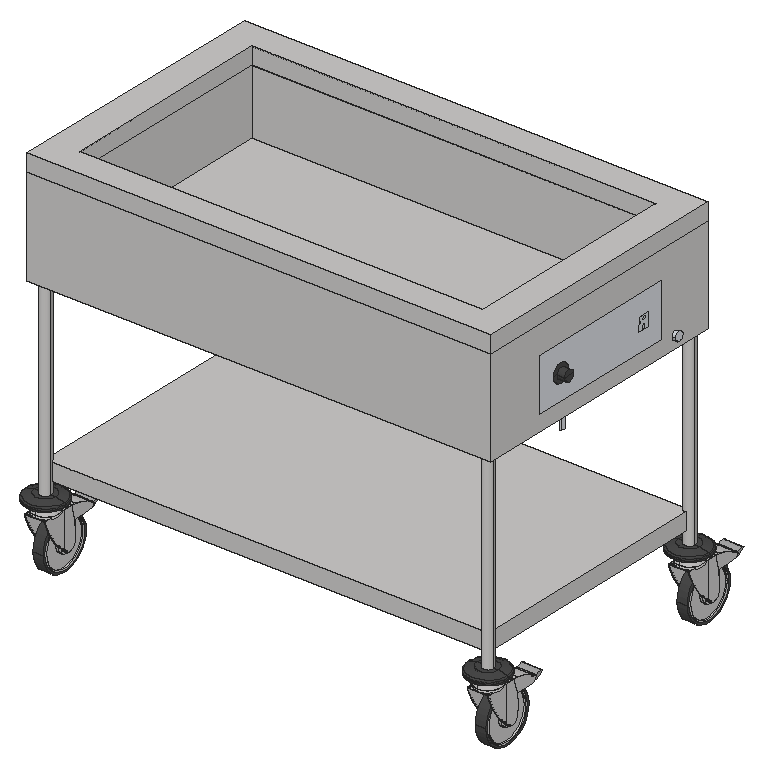
Revit family "QF_BOURGEAT_3GN_bain_marie mobile_sans_etuve_cuve_simple", category Equipement spécialisé, Revit 2015
Parameters (values of type "3GN_bain_marie_cuve_simple")
  URL Fabricant = "http://www.bourgeat.fr"
  URL = ""
  Type de Raccord Electrique = ""
  Type article = ""
  Tension = 230 V
  Spécification du Fabricant = "bain-marie mobiles"
  Remarques Plomberie = ""
  Remarques Electricité = ""
  Puissance électrique  = 2100 W
  Profondeur hors tout = 690 mm
  Poids net à vide = 55.00 kg
  Phase = 2
  Nature isolant = "30mm laine de roche"
  Modèle = "872003"
  Longueur hors tout = 1280 mm
  Intensité nominale = 6.09 A
  Indice de protection = "33"
  Hauteur hors tout = 900 mm
  Fréquence = 50 Hz
  Fabricant = "BOURGEAT"
  Diamètre de Raccordement Evacuation = 26.7 mm
  Contact_SAV = "0033(0)4.76.32.14.44"
  Charge max = 90.00 kg
Reference planes
  plane 1 "Centre (avant/arrière)": y = 0
  plane 2: z = 0
  plane 3 "Centre (gauche/droite)": x = 0
  plane 4: z = 856
  plane 5: z = 797.5
Forms (mm)
  Extrusion 1, solid
    sketch origin (0, 0, 0) x (0, 1, 0) y (0, 0, 1)
      loop
        circle (223, 664.828) r 10
    from 548.5 to 558.686
Dimensions and locks
  nested 1 to nested 1 = 76 mm
  aligned and locked: level to plane 2
  aligned and locked: nested 1 to plane 4
  aligned and locked: plane 1 "Centre (avant/arrière)" to nested 1
  aligned and locked: nested 2 to plane 5
  aligned and locked: nested 2 to plane 1 "Centre (avant/arrière)"
  aligned and locked: plane 1 "Centre (avant/arrière)" to nested 3
  aligned and locked: plane 3 "Centre (gauche/droite)" to nested 3
  aligned and locked: plane 3 "Centre (gauche/droite)" to nested 4
  aligned and locked: plane 1 "Centre (avant/arrière)" to nested 4
  aligned and locked: nested 1 to Extrusion 1
  aligned and locked: nested 4 to nested 5
Nested families
  nested 1: "supports+barre_transport" at (548.5, 0, 816) x (0, -1, 0) z (0, 0, 1), type "supports+barre_transport", not visible
    with lg_barre_transport 566 mm, lg_barre 446 mm
  nested 2: "interface_2GN_cuve_simple" at (550.5, 0, 735.5) x (0, 1, 0) z (0, 0, 1), type "interface_2GN_cuve_simple"
  nested 3: "3GN_cuve_simple" at (0, 0, 862.5), type "3GN_cuve_simple"
  nested 4: "3GN_chariot_sans_etuve" at (0, 0, 0), type "3GN_chariot_sans_etuve"
  nested 5: "vanne" at (427.5, 0, 570) x (0, 1, 0) z (0, 0, 1), type "vanne"
Connectors
  electrical at (558.686, 223, 664.828), driven by "Tension"
    settings: on Extrusion 1, index 1, voltage 230 V, apparent load 0 VA, apparent load phase1 2100 VA, apparent load phase2 0 VA, apparent load phase3 0 VA, power factor 1, load classification "Autre", number of poles 2, system type 30, power factor state 1, is connector primary yes, connector utility no, sub classification motor no, connector description "prise 2P+T 16A"
  piping at (427.5, 0, 570), diameter 20
    settings: on nested 5, index 2, connector inside diameter 609.6 mm, connector length 0 mm, flow factor 0, pipe flow 0.0 L/s, pressure drop 0.0 Pa, fitting loss kfactor 0, connector angle 0.00°, fixture units 0, engagement length 0 mm, angle of deflection 0.00°, flow configuration 0, flow direction 2, fitting loss method 0, system type 19, joint type 0, gender type 0, connector reference index -1, connector utility 0, adjustable connector no, is connector primary yes, connector description ""
Definition of nested family "supports+barre_transport"
  Parameters (values of type "supports+barre_transport")
    lg_barre_transport = 635 mm
    lg_barre = lg_barre_transport - 120 mm  # 515 mm
  Reference planes
    plane 1 "Centre (avant/arrière)": y = 0
    plane 2: z = 0
    plane 3 "Centre (gauche/droite)": x = 0
    plane 4: x = -317.5
    plane 5: x = 317.5
    plane 6: y = 57.5
  Dimensions and locks
    "lg_barre_transport": plane 4 to plane 5
    equal spacing: plane 4, plane 3 "Centre (gauche/droite)", plane 5
    aligned and locked: level to plane 2
    aligned and locked: nested 1 to plane 4
    aligned and locked: plane 6 to nested 1
    aligned and locked: nested 3 to plane 6
    aligned and locked: nested 2 to plane 5
    aligned and locked: nested 3 to plane 3 "Centre (gauche/droite)"
    aligned and locked: nested 3 to nested 1
  Nested families
    nested 1: "support barre" at (-317.5, 0, 0), type "support barre"
    nested 2: "support barre" at (317.5, 0, 0) x (-1, 0, 0) z (0, 0, 1), type "support barre"
    nested 3: "barre" at (-257.5, 57.5, 20) x (0, 1, 0) z (0, 0, 1), type "barre"
  Definition of nested family "support barre"
    Reference planes
      plane 1 "Centre (avant/arrière)": y = 0
      plane 2: z = 0
      plane 3 "Centre (gauche/droite)": x = 0
      plane 4: y = 76
      plane 5: x = 78
      plane 6: y = 19
      plane 7: x = 60
      plane 8: through (0, 19, 1200) normal (-0.6887, 0.725, 0)
      plane 9: x = 40
      plane 10: z = 40
      plane 11: y = 57.5
      plane 12: z = 20
    Forms (mm)
      Extrusion 1, solid
        sketch origin (0, 0, 0) x (1, 0, 0) y (0, 1, 0)
          loop
            line (0, 0) -> (40, 0) -> (40, 19) -> (60, 39) -> (78, 39) -> (78, 76) -> (60, 76) -> (0, 19) -> (0, 0)
        from 0 to 40
      Extrusion 2, void
        sketch origin (0, 0, 0) x (0, 1, 0) y (0, 0, 1)
          loop
            circle (57.5, 20) r 15
        from 60 to 250
    Cuts and joins
      Extrusion 2 cuts Extrusion 1
    Dimensions and locks
      plane 1 "Centre (avant/arrière)" to plane 4 = 76 mm
      plane 3 "Centre (gauche/droite)" to plane 5 = 78 mm
      aligned and locked: level to plane 2
      aligned and locked: plane 10 to Extrusion 1
      aligned and locked: plane 12 to Extrusion 2 sketch curve
      aligned and locked: Extrusion 2 to plane 7
  Definition of nested family "barre"
    Parameters (values of type "barre")
      lg_barre = 515 mm
    Reference planes
      plane 1 "Centre (avant/arrière)": y = 0
      plane 2: z = 0
      plane 3 "Centre (gauche/droite)": x = 0
      plane 4: y = -515
      plane 5: y = -257.5
    Forms (mm)
      Extrusion 1, solid
        sketch origin (0, 0, 0) x (1, 0, 0) y (0, 0, 1)
          loop
            circle (0, 0) r 15
        from 0 to 515
    Dimensions and locks
      "lg_barre": plane 4 to plane 1 "Centre (avant/arrière)"
      equal spacing: plane 4, plane 5, plane 1 "Centre (avant/arrière)"
      aligned and locked: level to plane 2
      aligned and locked: Extrusion 1 to plane 4
    Automatic sketch dimensions
      Extrusion 1 sketch curve to level = 0 mm
      Extrusion 1 sketch curve to plane 3 "Centre (gauche/droite)" = 0 mm
      radius of Extrusion 1 sketch curve = 15 mm
Definition of nested family "interface_2GN_cuve_simple"
  Reference planes
    plane 1 "Centre (avant/arrière)": y = 0
    plane 2: z = 0
    plane 3 "Centre (gauche/droite)": x = 0
    plane 4: x = 180
    plane 5: x = -180
    plane 6: z = 62
    plane 7: z = -62
    plane 8: x = -119
    plane 9: x = -33
    plane 10: x = 138
    plane 11: x = 113
    plane 12: z = 15.5
    plane 13: z = -15.5
    plane 14: y = 2
  Forms (mm)
    Extrusion 1, solid
      sketch origin (0, 0, 0) x (1, 0, 0) y (0, 0, 1)
        loop
          line (-180, 62) -> (-180, -62) -> (180, -62) -> (180, 62) -> (-180, 62)
      from 0 to -2
  Dimensions and locks
    plane 14 to plane 1 "Centre (avant/arrière)" = 2 mm
    aligned and locked: level to plane 2
    aligned and locked: Extrusion 1 sketch curve to plane 6
    aligned and locked: Extrusion 1 sketch curve to plane 5
    aligned and locked: Extrusion 1 sketch curve to plane 7
    aligned and locked: Extrusion 1 sketch curve to plane 4
    aligned and locked: Extrusion 1 to plane 14
    aligned and locked: nested 1 to plane 1 "Centre (avant/arrière)"
    aligned and locked: nested 1 to plane 10
    aligned and locked: plane 12 to nested 1
    aligned and locked: nested 2 to Extrusion 1
  Nested families
    nested 1: "switch" at (125.5, 0, -15.5) x (-1, 0, 0) z (0, 0, 1), type "switch"
    nested 2: "bouton_rond" at (-119, 0, 0) x (-1, 0, 0) z (0, 0, 1), type "bouton_rond"
  Definition of nested family "switch"
    Reference planes
      plane 1 "Centre (avant/arrière)": y = 0
      plane 2: z = 0
      plane 3 "Centre (gauche/droite)": x = 0
      plane 4: y = 5
      plane 5: y = 1
      plane 6: z = 31
      plane 7: x = 12.5
      plane 8: x = -12.5
      plane 9: z = 25.177
    Forms (mm)
      Extrusion 1, solid
        sketch origin (0, 0, 0) x (0, 1, 0) y (0, 0, 1)
          loop
            line (0, 0) -> (1, 0) -> (2.152, 31) -> (0, 31) -> (0, 0)
        from -12.5 to 12.5
      Extrusion 2, solid
        sketch origin (0, 0, 4.291) x (1, 0, 0) y (0, 0, 1)
          loop
            circle (0, 20.886) r 3.186
          loop
            line (1.701, -1.363) -> (1.701, 7.758) -> (-1.378, 7.758) -> (-1.378, -1.363) -> (1.701, -1.363)
        from 0 to -2.244
    Dimensions and locks
      plane 6 to plane 2 = 31 mm
      aligned and locked: level to plane 2
      aligned and locked: plane 5 to Extrusion 1 sketch curve
      aligned and locked: plane 6 to Extrusion 1
      aligned and locked: plane 8 to Extrusion 1
      aligned and locked: plane 7 to Extrusion 1
      aligned and locked: plane 3 "Centre (gauche/droite)" to Extrusion 2 sketch curve
      aligned and locked: plane 9 to Extrusion 2
  Definition of nested family "bouton_rond"
    Reference planes
      plane 1 "Centre (avant/arrière)": y = 0
      plane 2: z = 0
      plane 3 "Centre (gauche/droite)": x = 0
      plane 4: y = 2
      plane 5: y = 21
      plane 6: x = -21.5
      plane 7: x = -12.5
    Forms (mm)
      Revolve 1, solid
        sketch origin (0, 0, 0) x (1, 0, 0) y (0, 1, 0)
          loop
            line (0, 0) -> (0, 21) -> (-12.5, 21) -> (-12.5, 2) -> (-21.5, 2) -> (-21.5, 0) -> (0, 0)
          axis (0, 21) -> (0, 0)
        angle from 0 to 360
    Dimensions and locks
      aligned and locked: level to plane 2
Definition of nested family "3GN_cuve_simple"
  Parameters (values of type "3GN_cuve_simple")
    Profondeur_hors_tout = 642 mm
    Largeur_hors_tout = 1097 mm
  Reference planes
    plane 1 "Centre (avant/arrière)": y = 0
    plane 2: z = 0
    plane 3 "Centre (gauche/droite)": x = 0
    plane 4: x = 548.5
    plane 5: x = -548.5
    plane 6: y = 321
    plane 7: y = -321
    plane 8: x = -477.5
    plane 9: x = 477.5
    plane 10: y = 255
    plane 11: y = -255
    plane 12: z = 40
    plane 13: z = -170
    plane 14: y = -264
    plane 15: x = 486.5
    plane 16: x = 427.5
  Forms (mm)
    Extrusion 1, solid
      sketch origin (0, 0, 0) x (1, 0, 0) y (0, 1, 0)
        loop
          line (-548.5, 321) -> (-548.5, -321) -> (548.5, -321) -> (548.5, 321) -> (-548.5, 321)
        loop
          line (-477.5, 255) -> (-477.5, -255) -> (477.5, -255) -> (477.5, 255) -> (-477.5, 255)
      from 0 to 40
    Extrusion 2, solid
      sketch origin (0, 0, 0) x (1, 0, 0) y (0, 1, 0)
        loop
          line (-486.373, -264) -> (486.5, -264) -> (486.5, 266.105) -> (-486.373, 266.105) -> (-486.373, -264)
      from 0 to -170
    Extrusion 3, void
      sketch origin (0, 0, 0) x (1, 0, 0) y (0, 1, 0)
        loop
          line (-477.5, 255) -> (-477.5, -255) -> (477.5, -255) -> (477.5, 255) -> (-477.5, 255)
      from 76.929 to -155.016
    Extrusion 4, void
      sketch origin (410, -210, 0) x (1, 0, 0) y (0, 1, 0)
        loop
          circle (17.5, 210) r 25
      from -346.977 to 250
  Cuts and joins
    Extrusion 3 cuts Extrusion 1
    Extrusion 3, Extrusion 4 cuts Extrusion 2
  Dimensions and locks
    "Profondeur_hors_tout": plane 6 to plane 7
    "Largeur_hors_tout": plane 5 to plane 4
    Extrusion 2 sketch curve to plane 11 = 9 mm
    cut or joined group of Extrusion 2, Extrusion 3, Extrusion 4 to plane 8 = 8.873 mm
    locked: plane 9 to plane 15 at 9
    equal spacing: plane 6, plane 1 "Centre (avant/arrière)", plane 7
    equal spacing: plane 5, plane 3 "Centre (gauche/droite)", plane 4
    plane 8 to plane 3 "Centre (gauche/droite)" to plane 9 = 477.5 mm, 477.5 mm
    plane 10 to plane 1 "Centre (avant/arrière)" to plane 11 = 255 mm, 255 mm
    plane 14 to plane 11 = 9 mm
    aligned and locked: level to plane 2
    aligned and locked: plane 12 to Extrusion 1
    aligned and locked: Extrusion 1 sketch curve to plane 10
    aligned and locked: plane 8 to Extrusion 1 sketch curve
    aligned and locked: Extrusion 1 sketch curve to plane 11
    aligned and locked: Extrusion 1 sketch curve to plane 9
    aligned and locked: Extrusion 2 to plane 13
    aligned and locked: plane 2 to Extrusion 2
    aligned and locked: Extrusion 3 sketch curve to plane 10
    aligned and locked: plane 8 to Extrusion 3 sketch curve
    aligned and locked: Extrusion 1 to Extrusion 3 sketch curve
    aligned and locked: plane 9 to Extrusion 3 sketch curve
    aligned and locked: cut or joined group of Extrusion 2, Extrusion 3, Extrusion 4 to plane 14
    aligned and locked: plane 15 to cut or joined group of Extrusion 2, Extrusion 3, Extrusion 4
    aligned and locked: plane 16 to Extrusion 4 sketch curve
    aligned and locked: plane 1 "Centre (avant/arrière)" to Extrusion 4 sketch curve
  Automatic sketch dimensions
    Extrusion 2 sketch curve to plane 8 = 8.873 mm
    Extrusion 2 sketch curve to plane 9 = 9 mm
    plane 10 to Extrusion 2 sketch curve = 11.105 mm
    Extrusion 1 sketch curve to plane 5 = 0 mm
    Extrusion 1 sketch curve to plane 4 = 0 mm
    plane 7 to Extrusion 1 sketch curve = 0 mm
    Extrusion 1 sketch curve to plane 6 = 0 mm
    plane 11 to Extrusion 3 sketch curve = 0 mm
    radius of Extrusion 4 sketch curve = 25 mm
Definition of nested family "3GN_chariot_sans_etuve"
  Parameters (values of type "3GN_chariot_sans_etuve")
    Profondeur_hors_tout = 642 mm
    Largeur_hors_tout = 1097 mm
  Reference planes
    plane 1 "Centre (avant/arrière)": y = 0
    plane 2: z = 0
    plane 3 "Centre (gauche/droite)": x = 0
    plane 4: x = 523.5
    plane 5: x = -523.5
    plane 6: y = 298
    plane 7: y = -298
    plane 8: z = 182
    plane 9: z = 633
    plane 10: y = 321
    plane 11: y = -321
    plane 12: x = 548.5
    plane 13: x = -548.5
    plane 14: z = 862.5
    plane 15: z = 212
    plane 16: z = 252
    plane 17: x = 41
    plane 18: y = 223
    plane 19: z = 692.5
    plane 20: x = 427.5
  Forms (mm)
    Extrusion 1, solid
      sketch origin (0, 0, 0) x (1, 0, 0) y (0, 1, 0)
        loop
          circle (-523.5, 298) r 12.5
        loop
          circle (-523.5, -298) r 12.5
        loop
          circle (523.5, -298) r 12.5
        loop
          circle (523.5, 298) r 12.5
      from 182 to 633
    Extrusion 2, solid
      sketch origin (0, 0, 0) x (1, 0, 0) y (0, 1, 0)
        loop
          line (-548.5, 321) -> (-548.5, -321) -> (548.5, -321) -> (548.5, 321) -> (-548.5, 321)
      from 633 to 862.5
    Extrusion 3, void
      sketch origin (0, 0, 0) x (1, 0, 0) y (0, 1, 0)
        loop
          line (-523.5, 298) -> (-523.5, -298) -> (523.5, -298) -> (523.5, 298) -> (-523.5, 298)
      from 692.5 to 959.473
    Extrusion 4, solid
      sketch origin (0, 0, 0) x (1, 0, 0) y (0, 1, 0)
        loop
          arc (-523.5, -285.5) -> (-514.661, -289.161) -> (-511, -298) r 12.5
          line (-511, -298) -> (511, -298)
          arc (511, -298) -> (514.661, -289.161) -> (523.5, -285.5) r 12.5
          line (523.5, -285.5) -> (523.5, 285.5)
          arc (523.5, 285.5) -> (514.661, 289.161) -> (511, 298) r 12.5
          line (511, 298) -> (-511, 298)
          arc (-511, 298) -> (-514.661, 289.161) -> (-523.5, 285.5) r 12.5
          line (-523.5, 285.5) -> (-523.5, -285.5)
      from 212 to 252
    Extrusion 5, void
      sketch origin (0, 0, 0) x (1, 0, 0) y (0, 1, 0)
        loop
          circle (427.5, 0) r 25
      from 527.563 to 948.643
  Cuts and joins
    Extrusion 3 cuts Extrusion 1
    Extrusion 3, Extrusion 5 cuts Extrusion 2
    Extrusion 5 cuts Extrusion 4
  Dimensions and locks
    equal spacing: plane 5, plane 3 "Centre (gauche/droite)", plane 4
    equal spacing: plane 6, plane 1 "Centre (avant/arrière)", plane 7
    locked: plane 6 to plane 7 at 596
    "Profondeur_hors_tout": plane 10 to plane 11
    equal spacing: plane 10, plane 1 "Centre (avant/arrière)", plane 11
    plane 10 to plane 18 = 98 mm
    plane 14 to plane 19 = 170 mm
    equal spacing: plane 13, plane 3 "Centre (gauche/droite)", plane 12
    "Largeur_hors_tout": plane 13 to plane 12
    plane 13 to plane 5 = 25 mm
    aligned and locked: level to plane 2
    aligned and locked: Extrusion 1 to plane 9
    aligned and locked: Extrusion 1 to plane 8
    aligned and locked: Extrusion 2 sketch curve to plane 11
    aligned and locked: Extrusion 2 sketch curve to plane 12
    aligned and locked: Extrusion 2 sketch curve to plane 13
    aligned and locked: Extrusion 2 sketch curve to plane 10
    aligned and locked: Extrusion 2 to plane 14
    aligned and locked: Extrusion 2 to plane 9
    aligned and locked: nested 1 to Extrusion 3 sketch curve
    aligned and locked: Extrusion 3 sketch curve to plane 5
    aligned and locked: Extrusion 3 sketch curve to nested 3
    aligned and locked: Extrusion 3 sketch curve to plane 4
    aligned and locked: Extrusion 4 sketch curve to plane 6
    aligned and locked: Extrusion 4 sketch curve to plane 5
    aligned and locked: Extrusion 4 sketch curve to plane 7
    aligned and locked: Extrusion 4 sketch curve to plane 4
    aligned and locked: Extrusion 4 to plane 16
    aligned and locked: plane 15 to Extrusion 4
    aligned and locked: cut or joined group of Extrusion 2, Extrusion 3, Extrusion 5 to plane 19
    aligned and locked: nested 1 to plane 5
    aligned and locked: plane 4 to nested 2
    aligned and locked: plane 4 to nested 3
    aligned and locked: nested 4 to plane 5
    aligned and locked: plane 20 to Extrusion 5 sketch curve
    aligned and locked: plane 1 "Centre (avant/arrière)" to Extrusion 5 sketch curve
  Automatic sketch dimensions
    Extrusion 1 sketch curve to plane 5 = 0 mm  (x2)
    Extrusion 1 sketch curve to plane 4 = 0 mm  (x2)
    plane 7 to Extrusion 1 sketch curve = 0 mm  (x2)
    Extrusion 1 sketch curve to plane 6 = 0 mm  (x2)
    Extrusion 4 sketch curve to plane 5 = 12.5 mm
    Extrusion 4 sketch curve to plane 4 = 12.5 mm
    Extrusion 4 sketch curve to Extrusion 4 sketch curve = 12.5 mm  (x2)
    radius of Extrusion 1 sketch curve = 12.5 mm  (x4)
    radius of Extrusion 5 sketch curve = 25 mm
  Nested families
    nested 1: "ROULETTE" at (-523.5, 298, 0), type "ROULETTE"
      with Sans frein yes, Avec frein yes
    nested 2: "ROULETTE" at (523.5, 298, 0), type "ROULETTE"
      with Sans frein yes, Avec frein yes
    nested 3: "ROULETTE" at (523.5, -298, 0), type "ROULETTE"
      with Sans frein yes, Avec frein yes
    nested 4: "ROULETTE" at (-523.5, -298, 0), type "ROULETTE"
      with Sans frein yes, Avec frein yes
  Definition of nested family "ROULETTE"
    Parameters (values of type "ROULETTE")
      Sans frein [instance] = yes
      Avec frein [instance] = yes
    Reference planes
      plane 1 "Centre (avant/arrière)": y = 0
      plane 2: z = 0
      plane 3 "Centre (gauche/droite)": x = 0
      plane 4: y = 40.851
      plane 5: z = 62.5
    Forms (mm)
      Extrusion 1, solid
        sketch origin (0, 0, 0) x (0, 1, 0) y (0, 0, 1)
          loop
            circle (40.851, 62.5) r 62.5
          loop
            circle (40.851, 62.5) r 57.5
        from -12.5 to 12.5
      Revolve 2, solid
        sketch origin (0, 0, 30.333) x (1, 0, 0) y (0, 0, 1)
          loop
            line (0, 151.667) -> (-25, 151.667) -> (-45.338, 146.217)
            arc (-45.338, 146.217) -> (-46.897, 145.175) -> (-47.5, 143.4) r 2.917
            line (-47.5, 143.4) -> (-47.5, 138.833)
            arc (-47.5, 138.833) -> (-47.012, 137.655) -> (-45.833, 137.167) r 1.667
            line (-45.833, 137.167) -> (-24.607, 137.167) -> (-24, 132.667) -> (0, 132.667) -> (0, 151.667)
          axis (0, 151.667) -> (0, 132.667)
        angle from 0 to 360
      Revolve 3, solid
        sketch origin (0, 0, 0) x (0, 1, 0) y (0, 0, 1)
          loop
            line (0, 163) -> (-20.149, 163) -> (-20.149, 159.41) -> (-21.6, 159.41)
            arc (-21.6, 159.41) -> (-24.448, 158.65) -> (-26.537, 156.572) r 5.712
            line (-26.537, 156.572) -> (-30.146, 147.743) -> (-26.999, 147.062) -> (-26.999, 146.112)
            arc (-26.999, 146.112) -> (-27.23, 145.314) -> (-27.849, 144.761) r 1.5
            arc (-27.849, 144.761) -> (-29.223, 143.633) -> (-29.923, 142) r 3.75
            line (-29.923, 142) -> (0, 142) -> (0, 163)
          axis (0, 163) -> (0, 142)
        angle from 0 to 360
      Extrusion 4, solid
        sketch origin (0, 0, 0) x (0, 1, 0) y (0, 0, -1)
          loop
            line (-29.974, -138.241) -> (-29.974, -142) -> (21.747, -142) -> (21.747, -60.336)
            arc (21.747, -60.336) -> (10.272, -70.702) -> (-0.149, -82.127) r 160.057
            arc (-0.149, -82.127) -> (-17.883, -108.684) -> (-29.974, -138.241) r 159.585
        from -24.913 to -23.038
      Extrusion 5, solid
        sketch origin (0, 0, 0) x (0, 1, 0) y (0, 0, 1)
          loop
            line (-29.974, 142) -> (-29.974, 140.869) -> (21.747, 140.869) -> (21.747, 142) -> (-29.974, 142)
        from -23.038 to 23.038
      Extrusion 6, solid
        sketch origin (0, 0, 0) x (0, 1, 0) y (0, 0, 1)
          loop
            circle (40.851, 62.5) r 57.5
          loop
            circle (40.851, 62.5) r 55
        from -12.5 to 12.5
      Extrusion 7, solid
        sketch origin (0, 0, 0) x (0, 1, 0) y (0, 0, 1)
          loop
            circle (40.851, 62.5) r 55
        from -7 to 7
      Extrusion 8, solid
        sketch origin (0, 0, 0) x (0, 1, 0) y (0, 0, 1)
          loop
            circle (40.851, 62.5) r 21
        from 7 to 15
      Extrusion 9, solid
        sketch origin (0, 0, 0) x (0, 1, 0) y (0, 0, -1)
          loop
            circle (40.851, -62.5) r 16
        from -23.038 to -15
      Extrusion 10, solid, visible <- "Sans frein"
        sketch origin (0, 0, 0) x (0, 1, 0) y (0, 0, 1)
          loop
            arc (21.747, 60.336) -> (23.188, 59.17) -> (24.642, 58.02) r 161.23
            arc (24.642, 58.02) -> (29.34, 54.513) -> (34.187, 51.216) r 133.333
            arc (34.187, 51.216) -> (46.517, 50.3) -> (53.927, 60.198) r 12.867
            arc (53.927, 60.198) -> (54.714, 99.183) -> (46.119, 137.216) r 161.222
            arc (46.119, 137.216) -> (45.679, 138.887) -> (45.531, 140.609) r 10.076
            line (45.531, 140.609) -> (45.531, 142) -> (21.747, 142) -> (21.747, 60.336)
        from 23.038 to 24.913
      Extrusion 11, solid, visible <- "Sans frein"
        sketch origin (0, 0, 0) x (0, 1, 0) y (0, 0, 1)
          loop
            line (21.747, 142) -> (21.747, 140.701) -> (48.851, 140.701) -> (48.851, 142) -> (21.747, 142)
        from -23.038 to 23.038
      Extrusion 12, solid, visible <- "Avec frein"
        sketch origin (0, 0, 0) x (0, 1, 0) y (0, 0, 1)
          loop
            line (21.747, 142) -> (21.747, 60.336)
            arc (21.747, 60.336) -> (23.177, 59.179) -> (24.62, 58.038) r 160.008
            arc (24.62, 58.038) -> (29.041, 54.705) -> (33.574, 51.527) r 160
            arc (33.574, 51.527) -> (46.135, 50.422) -> (53.724, 60.491) r 13
            arc (53.724, 60.491) -> (55.279, 82.092) -> (53.902, 103.704) r 160
            arc (53.902, 103.704) -> (55.53, 108.653) -> (60.415, 110.463) r 6
            arc (60.415, 110.463) -> (80.625, 109.924) -> (100.725, 112.107) r 150
            arc (100.725, 112.107) -> (104.408, 113.406) -> (107.479, 115.819) r 12
            line (107.479, 115.819) -> (110.851, 121.523)
            arc (110.851, 121.523) -> (85.913, 134.651) -> (58.706, 142) r 127.902
            line (58.706, 142) -> (21.747, 142)
        from 23.038 to 24.913
      Extrusion 13, solid, visible <- "Avec frein"
        sketch origin (0, 0, 0) x (0, 1, 0) y (0, 0, 1)
          loop
            line (58.706, 142) -> (21.747, 142) -> (21.747, 140) -> (58.552, 140)
            arc (58.552, 140) -> (85.253, 132.762) -> (109.73, 119.866) r 125.902
            line (109.73, 119.866) -> (110.851, 121.523)
            arc (110.851, 121.523) -> (85.913, 134.651) -> (58.706, 142) r 127.902
        from -23.038 to 23.038
      Extrusion 14, solid, visible <- "Avec frein"
        sketch origin (0, 19.896, 18.175) x (0, 1, 0) y (0, 0, 1)
          loop
            line (87.583, 97.644) -> (91.829, 95.227)
            arc (91.829, 95.227) -> (93.8, 95.006) -> (95.312, 96.29) r 2.5
            arc (95.312, 96.29) -> (103.495, 100.002) -> (111.176, 104.666) r 74.999
            line (111.176, 104.666) -> (110.852, 105.929)
            arc (110.852, 105.929) -> (110.04, 107.086) -> (108.666, 107.417) r 2
            arc (108.666, 107.417) -> (101.396, 105.849) -> (94.512, 103.034) r 42.354
            line (94.512, 103.034) -> (93.479, 101.228) -> (93.285, 100.414) -> (91.69, 101.675) -> (90.401, 102.412) -> (87.583, 97.644)
        from -23.038 to 23.038
      Extrusion 15, solid, not visible
        sketch origin (0, 0, 0) x (0, 1, 0) y (0, 0, -1)
          loop
            line (-29.974, -138.241) -> (-29.974, -142) -> (21.747, -142) -> (21.747, -60.336)
            arc (21.747, -60.336) -> (10.272, -70.702) -> (-0.149, -82.127) r 160.057
            arc (-0.149, -82.127) -> (-17.883, -108.684) -> (-29.974, -138.241) r 159.585
        from -24.913 to -23.038
      Extrusion 16, solid, not visible
        sketch origin (0, 0, 0) x (0, 1, 0) y (0, 0, 1)
          loop
            circle (40.851, 62.5) r 21
        from 7 to 15
      Extrusion 17, solid, not visible
        sketch origin (0, 0, 0) x (0, 1, 0) y (0, 0, -1)
          loop
            circle (40.851, -62.5) r 16
        from -23.038 to -15
      Extrusion 18, solid, visible <- "Sans frein", not visible
        sketch origin (0, 0, 0) x (0, 1, 0) y (0, 0, 1)
          loop
            arc (21.747, 60.336) -> (23.188, 59.17) -> (24.642, 58.02) r 161.23
            arc (24.642, 58.02) -> (29.34, 54.513) -> (34.187, 51.216) r 133.333
            arc (34.187, 51.216) -> (46.517, 50.3) -> (53.927, 60.198) r 12.867
            arc (53.927, 60.198) -> (54.714, 99.183) -> (46.119, 137.216) r 161.222
            arc (46.119, 137.216) -> (45.679, 138.887) -> (45.531, 140.609) r 10.076
            line (45.531, 140.609) -> (45.531, 142) -> (21.747, 142) -> (21.747, 60.336)
        from 23.038 to 24.913
      Extrusion 19, solid, visible <- "Avec frein", not visible
        sketch origin (0, 0, 0) x (0, 1, 0) y (0, 0, 1)
          loop
            line (21.747, 142) -> (21.747, 60.336)
            arc (21.747, 60.336) -> (23.177, 59.179) -> (24.62, 58.038) r 160.008
            arc (24.62, 58.038) -> (29.041, 54.705) -> (33.574, 51.527) r 160
            arc (33.574, 51.527) -> (46.135, 50.422) -> (53.724, 60.491) r 13
            arc (53.724, 60.491) -> (55.279, 82.092) -> (53.902, 103.704) r 160
            arc (53.902, 103.704) -> (55.53, 108.653) -> (60.415, 110.463) r 6
            arc (60.415, 110.463) -> (80.625, 109.924) -> (100.725, 112.107) r 150
            arc (100.725, 112.107) -> (104.408, 113.406) -> (107.479, 115.819) r 12
            line (107.479, 115.819) -> (110.851, 121.523)
            arc (110.851, 121.523) -> (85.913, 134.651) -> (58.706, 142) r 127.902
            line (58.706, 142) -> (21.747, 142)
        from 23.038 to 24.913
      Extrusion 20, solid
        sketch origin (0, 0, 0) x (0, -1, 0) y (0, 0, -1)
          loop
            arc (29.974, -138.241) -> (17.883, -108.684) -> (0.149, -82.127) r 159.585
            arc (0.149, -82.127) -> (-10.272, -70.702) -> (-21.747, -60.336) r 160.057
            line (-21.747, -60.336) -> (-21.747, -142) -> (29.974, -142) -> (29.974, -138.241)
        from -24.913 to -23.038
      Extrusion 21, solid
        sketch origin (0, 0, 0) x (0, -1, 0) y (0, 0, 1)
          loop
            circle (-40.851, 62.5) r 21
        from 7 to 15
      Extrusion 22, solid
        sketch origin (0, 0, 0) x (0, -1, 0) y (0, 0, -1)
          loop
            circle (-40.851, -62.5) r 16
        from -23.038 to -15
      Extrusion 23, solid, visible <- "Sans frein"
        sketch origin (0, 0, 0) x (0, -1, 0) y (0, 0, 1)
          loop
            line (-21.747, 60.336) -> (-21.747, 142) -> (-45.531, 142) -> (-45.531, 140.609)
            arc (-45.531, 140.609) -> (-45.679, 138.887) -> (-46.119, 137.216) r 10.076
            arc (-46.119, 137.216) -> (-54.714, 99.183) -> (-53.927, 60.198) r 161.222
            arc (-53.927, 60.198) -> (-46.517, 50.3) -> (-34.187, 51.216) r 12.867
            arc (-34.187, 51.216) -> (-29.34, 54.513) -> (-24.642, 58.02) r 133.333
            arc (-24.642, 58.02) -> (-23.188, 59.17) -> (-21.747, 60.336) r 161.23
        from 23.038 to 24.913
      Extrusion 24, solid, visible <- "Avec frein"
        sketch origin (0, 0, 0) x (0, -1, 0) y (0, 0, 1)
          loop
            line (-21.747, 142) -> (-58.706, 142)
            arc (-58.706, 142) -> (-85.913, 134.651) -> (-110.851, 121.523) r 127.902
            line (-110.851, 121.523) -> (-107.479, 115.819)
            arc (-107.479, 115.819) -> (-104.408, 113.406) -> (-100.725, 112.107) r 12
            arc (-100.725, 112.107) -> (-80.625, 109.924) -> (-60.415, 110.463) r 150
            arc (-60.415, 110.463) -> (-55.53, 108.653) -> (-53.902, 103.704) r 6
            arc (-53.902, 103.704) -> (-55.279, 82.092) -> (-53.724, 60.491) r 160
            arc (-53.724, 60.491) -> (-46.135, 50.422) -> (-33.574, 51.527) r 13
            arc (-33.574, 51.527) -> (-29.041, 54.705) -> (-24.62, 58.038) r 160
            arc (-24.62, 58.038) -> (-23.177, 59.179) -> (-21.747, 60.336) r 160.008
            line (-21.747, 60.336) -> (-21.747, 142)
        from 23.038 to 24.913
    Dimensions and locks
      aligned and locked: level to plane 2
Definition of nested family "vanne"
  Reference planes
    plane 1 "Centre (avant/arrière)": y = 0
    plane 2: z = 0
    plane 3 "Centre (gauche/droite)": x = 0
    plane 4: z = 68
    plane 5: x = 19
    plane 6: x = -19
    plane 7: x = -3.967
    plane 8: x = 5
  Forms (mm)
    Revolve 1, solid
      sketch origin (0, 0, 0) x (1, 0, 0) y (0, 0, 1)
        loop
          line (0, 68) -> (-10, 68) -> (-10, 63) -> (-14.261, 63) -> (-14.261, 58) -> (-19, 58) -> (-19, 11.887) -> (-14.261, 11.887) -> (-14.261, 7.667) -> (-10, 7.667) -> (-10, 0) -> (0, 0) -> (0, 68)
        axis (0, 68) -> (0, 0)
      angle from 0 to 360
    Extrusion 2, solid
      sketch origin (0, 0, 0) x (0, 1, 0) y (0, 0, 1)
        loop
          line (-17.211, 46.213) -> (-17.211, 48.933) -> (-34.5, 48.933) -> (-34.5, -38.787) -> (-31.377, -38.787) -> (-31.377, 46.213) -> (-17.211, 46.213)
      from -3.967 to 5
  Dimensions and locks
    aligned and locked: level to plane 2
    aligned and locked: plane 7 to Extrusion 2
    aligned and locked: plane 8 to Extrusion 2
